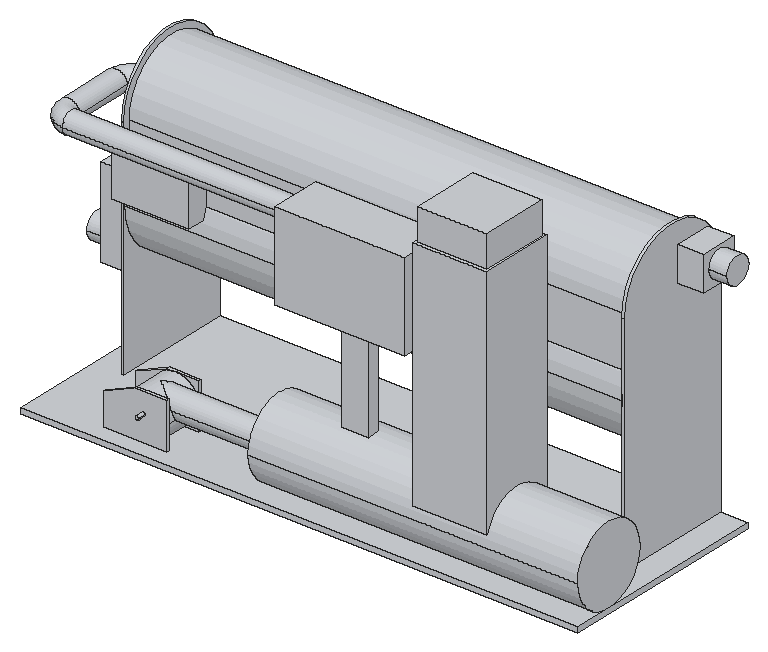
Revit family "M_Resfriador de absorção - Aquecido diretamente - 1336-1934 kW", category Equipamento mecânico, Revit 2019
Family settings
  Cota do conector redondo = Usar raio
  Tipo de parte = Normal
  Número OmniClass = 23.75.10.24.21.21.11
  Título OmniClass = Absorption Water Chillers
  ID de item do Seek = Absorption Chiller - Direct Fired - 1336-1934 kW-0000-CAN-ENU
  Com base no plano de trabalho = Não
  Sempre na vertical = Sim
  Corte com vazios quando carregada = Não
  Compartilhado = Não
  Ponto de cálculo do ambiente = Não
Parameters (values of type "1336-1406 kW")
  Voltagem = 460 V
  Classificação de carga = Refrigeração
  Largura do duto do exaustor = 650 mm
  Altura do duto do exaustor = 650 mm
  Número de pólos = 3
  Comprimento 1 = (Largura do resfriador - 874 mm) / 2  # 563 mm
  Capacidade de calor [instance] = 129000000 W
  Raio do gás = 15 mm
  Queda de pressão do gás [instance] = 0.0 Pa
  Fluxo de gás [instance] = 472.0 L/s
  Diâmetro do gás = Raio do gás * 2  # 30 mm
  Fluxo do exaustor [instance] = 774.0 L/s
  Raio do fornecimento de água resfriada = 125 mm
  Diâmetro do fornecimento de água resfriada = Raio do fornecimento de água resfriada * 2  # 250 mm
  Raio do retorno de água resfriada = 125 mm
  Diâmetro do retorno de água resfriada = Raio do retorno de água resfriada * 2  # 250 mm
  Queda de pressão do condensador [instance] = 51800.0 Pa
  Fluxo da água da refrigeração [instance] = 107.0 L/s
  Capacidade de refrigeração [instance] = 1350000 W
  Largura do resfriador = 2000 mm
  Material do resfriador = none
  Comprimento do resfriador = 5610 mm
  Raio do fornecimento de água resfriada = 100 mm
  Diâmetro do fornecimento de água resfriada = Raio do fornecimento de água resfriada * 2  # 200 mm
  Raio do retorno de água resfriada = 100 mm
  Diâmetro do retorno de água resfriada = Raio do retorno de água resfriada * 2  # 200 mm
  Queda de pressão do evaporador [instance] = 34000.0 Pa
  Fluxo da água resfriada [instance] = 58.2 L/s
  C6 Deslocamento 1 = 4039 mm
  C4 Deslocamento 2 = 1134 mm
  C3 Deslocamento 2 = 1664 mm
  C2 Deslocamento 2 = 1734 mm
  C1 Deslocamento 2 = 1591 mm
  Carga aparente [instance] = 9100 VA
Types (5, lengths in mm): name | Largura do duto do exaustor | Altura do duto do exaustor | Comprimento 1 | Capacidade de calor | Fluxo de gás | Fluxo do exaustor | Queda de pressão do condensador | Fluxo da água da refrigeração | Capacidade de refrigeração | Largura do resfriador | Comprimento do resfriador | Queda de pressão do evaporador | Fluxo da água resfriada | C6 Deslocamento 1 | C4 Deslocamento 2 | C3 Deslocamento 2 | C2 Deslocamento 2 | C1 Deslocamento 2 | Carga aparente
  (no name) | 650 | 650 | 563 | 129000000 W | 472.0 L/s | 774.0 L/s | 51800.0 Pa | 107.0 L/s | 1350000 W | 2000 | 5610 | 34000.0 Pa | 58.2 L/s | 4039 | 1134 | 1664 | 1734 | 1591 | 9100 VA
  1336-1406 kW | 650 | 650 | 563 | 129000000 W | 472.0 L/s | 774.0 L/s | 51800.0 Pa | 107.0 L/s | 1350000 W | 2000 | 5610 | 34000.0 Pa | 58.2 L/s | 4039 | 1134 | 1664 | 1734 | 1591 | 9100 VA
  1582 kW | 650 | 650 | 638 | 1450000 W | 529.0 L/s | 873.0 L/s | 68200.0 Pa | 120.0 L/s | 1520000 W | 2150 | 6175 | 45900.0 Pa | 65.4 L/s | 4007 | 1276 | 1807 | 1876 | 1730 | 9500 VA
  1758 kW | 695 | 695 | 638 | 1610000 W | 585.0 L/s | 968.0 L/s | 87900.0 Pa | 134.0 L/s | 1690000 W | 2150 | 6855 | 59900.0 Pa | 72.7 L/s | 4686 | 1276 | 1807 | 1876 | 1730 | 9500 VA
  1934 kW | 695 | 695 | 638 | 1770000 W | 647.0 L/s | 1070.0 L/s | 111000.0 Pa | 147.0 L/s | 1860000 W | 2150 | 7417 | 76800.0 Pa | 79.9 L/s | 5245 | 1276 | 1807 | 1876 | 1730 | 9500 VA
Reference planes
  plane 1 "Centro (Frente/Trás)": y = 0
  plane 2: z = 0
  plane 3 "Centro (Esquerda/Direita)": x = 0
  plane 4: x = -177.8
  plane 5: x = 5432.2
  plane 6: y = -2000
  plane 7: z = 50.8
  plane 8: x = 254
  plane 9: x = 279.4
  plane 10: y = -1126.875
  plane 11: y = -563.438
  plane 12: z = 2740.025
  plane 13: z = 2177.025
  plane 14: x = 5254.4
  plane 15: x = 5000.4
  plane 16: x = 4975
  plane 17: z = 1473.2
  plane 18: y = -50.8
  plane 19: y = -1076.075
  plane 20: y = -1634.875
  plane 21: z = 415.925
  plane 22: x = 654.05
  plane 23: x = 1247.775
  plane 24: x = 2149.475
  plane 25: z = 355.6
  plane 26: x = 950.913
  plane 27: z = 482.6
  plane 28: y = -1431.964
  plane 29: y = -1838.075
  plane 30: y = -1457.364
  plane 31: y = -1812.675
  plane 32: x = 1031.875
  plane 33: z = 266.7
  plane 34: z = 292.1
  plane 35: y = -1914.275
  plane 36: x = 4039
  plane 37: x = 3714
  plane 38: x = 4364
  plane 39: y = -1309.875
  plane 40: y = -1959.875
  plane 41: z = 3041.65
  plane 42: x = 3688.6
  plane 43: y = -1985.275
  plane 44: x = 4389.4
  plane 45: y = -1284.475
  plane 46: y = -1685.675
  plane 47: x = 3560.013
  plane 48: x = 2340.813
  plane 49: y = -1448.344
  plane 50: y = -1923.006
  plane 51: z = 2540
  plane 52: z = 1709.737
  plane 53: x = 2950.413
  plane 54: x = 2823.413
  plane 55: x = 3077.413
  plane 56: y = -1736.475
  plane 57: y = -1634.875
  plane 58: x = 1009.65
  plane 59: z = 1600.2
  plane 60: z = 2025.65
  plane 61: y = -1271.337
  plane 62: y = -76.2
  plane 63: y = -1050.675
  plane 64: z = 1044.575
  plane 65: z = 866.775
  plane 66: z = 1539.875
  plane 67: z = 1717.675
  plane 68: y = -266
  plane 69: y = -409
  plane 70: y = -866
  plane 71: z = 1219.2
  plane 72: y = -336
  plane 73: y = -158.2
  plane 74: y = -513.8
  plane 75: z = 2393.95
  plane 76: z = 2216.15
  plane 77: z = 2571.75
  plane 78: z = 2409.825
  plane 79: y = -869.95
  plane 80: x = 101.6
  plane 81: y = -996.95
  plane 82: x = 228.6
  plane 83: y = -1558.675
  plane 84: x = 341.313
  plane 85: x = 1774.825
  plane 86: z = 1808.162
  plane 87: x = 736.6
Forms (mm)
  Extrusion 1, solid, material <- "Material do resfriador"
    sketch origin (0, 0, 0) x (0, 1, 0) y (0, 0, 1)
      loop
        line (-1126.875, 2177.025) -> (-1126.875, 50.8) -> (0, 50.8) -> (-0.875, 2177.025)
        arc (-0.875, 2177.025) -> (-563.875, 2740.025) -> (-1126.875, 2177.025) r 563
    from 254 to 279.4
  Extrusion 2, solid, material <- "Material do resfriador"
    sketch origin (0, 0, 0) x (1, 0, 0) y (0, 1, 0)
      loop
        line (0, 0) -> (0, -2000) -> (5254.4, -2000) -> (5254.4, 0) -> (0, 0)
    from 0 to 50.8
  Extrusion 3, solid, material <- "Material do resfriador"
    sketch origin (0, 0, 0) x (0, 1, 0) y (0, 0, 1)
      loop
        line (-1126.875, 2177.025) -> (-1126.875, 50.8) -> (0, 50.8) -> (-0.875, 2177.025)
        arc (-0.875, 2177.025) -> (-563.875, 2740.025) -> (-1126.875, 2177.025) r 563
    from 4975 to 5000.4
  Extrusion 4, solid, material <- "Material do resfriador"
    sketch origin (0, 0, 0) x (0, 1, 0) y (0, 0, 1)
      loop
        line (-1076.075, 2177.025) -> (-1076.075, 1473.2) -> (-50.8, 1473.2) -> (-50.8, 2177.025)
        arc (-50.8, 2177.025) -> (-563.438, 2689.662) -> (-1076.075, 2177.025) r 512.637
    from 279.4 to 4975
  Extrusion 5, solid, material <- "Material do resfriador"
    sketch origin (0, 0, 0) x (0, 1, 0) y (0, 0, 1)
      loop
        circle (-563.438, 1473.2) r 563
    from 279.4 to 4975
  Extrusion 6, solid, material <- "Material do resfriador"
    sketch origin (0, 0, 0) x (0, 1, 0) y (0, 0, 1)
      loop
        circle (-1634.875, 415.925) r 365.125
    from 2149.475 to 5254.4
  Extrusion 7, solid, material <- "Material do resfriador"
    sketch origin (0, 0, 0) x (1, 0, 0) y (0, 0, 1)
      loop
        line (654.05, 355.6) -> (654.05, 50.8) -> (1247.775, 50.8) -> (1247.775, 482.6) -> (950.912, 482.6) -> (654.05, 355.6)
    from 1431.964 to 1457.364
  Extrusion 8, solid, material <- "Material do resfriador"
    sketch origin (0, 0, 0) x (1, 0, 0) y (0, 0, 1)
      loop
        line (654.05, 355.6) -> (654.05, 50.8) -> (1247.775, 50.8) -> (1247.775, 482.6) -> (950.912, 482.6) -> (654.05, 355.6)
    from 1812.675 to 1838.075
  Extrusion 9, solid, material <- "Material do resfriador"
    sketch origin (0, 0, 0) x (1, 0, 0) y (0, 0, 1)
      loop
        circle (1031.875, 266.7) r 215.9
    from 1457.364 to 1812.675
  Extrusion 10, solid, material <- "Material do resfriador"
    sketch origin (0, 0, 0) x (1, 0, 0) y (0, 0, 1)
      loop
        circle (1031.875, 292.1) r 15
    from 1838.075 to 1914.275
  Extrusion 11, solid, material <- "Material do resfriador"
    sketch origin (0, 0, 0) x (0, 1, 0) y (0, 0, 1)
      loop
        circle (-1634.875, 355.6) r 127
    from 1031.875 to 2149.475
  Extrusion 12, solid, material <- "Material do resfriador"
    sketch origin (0, 0, 0) x (1, 0, 0) y (0, 1, 0)
      loop
        line (3714, -1309.875) -> (3714, -1959.875) -> (4364, -1959.875) -> (4364, -1309.875) -> (3714, -1309.875)
    from 2740.025 to 3041.65
  Extrusion 13, solid, material <- "Material do resfriador"
    sketch origin (0, 0, 0) x (1, 0, 0) y (0, 1, 0)
      loop
        line (3688.6, -1284.475) -> (3688.6, -1985.275) -> (4389.4, -1985.275) -> (4389.4, -1284.475) -> (3688.6, -1284.475)
    from 415.925 to 2740.025
  Extrusion 14, solid, material <- "Material do resfriador"
    sketch origin (0, 0, 0) x (1, 0, 0) y (0, 1, 0)
      loop
        line (2340.813, -1448.344) -> (2340.813, -1923.006) -> (3560.013, -1923.006) -> (3560.013, -1448.344) -> (2340.813, -1448.344)
    from 1709.737 to 2540
  Extrusion 15, solid, material <- "Material do resfriador"
    sketch origin (0, 0, 0) x (1, 0, 0) y (0, 1, 0)
      loop
        line (2823.413, -1634.875) -> (2823.413, -1736.475) -> (3077.413, -1736.475) -> (3077.413, -1634.875) -> (2823.413, -1634.875)
    from 415.925 to 1709.737
  Extrusion 16, solid, material <- "Material do resfriador"
    sketch origin (0, 0, 0) x (1, 0, 0) y (0, 0, 1)
      loop
        line (279.4, 2025.65) -> (279.4, 1600.2) -> (1009.65, 1600.2) -> (1009.65, 2025.65) -> (279.4, 2025.65)
    from 1076.075 to 1271.337
  Extrusion 17, solid, material <- "Material do resfriador"
    sketch origin (0, 0, 0) x (0, 1, 0) y (0, 0, 1)
      loop
        line (-76.2, 1717.675) -> (-1050.675, 1717.675) -> (-1050.675, 866.775) -> (-76.2, 866.775) -> (-76.2, 1717.675)
    from 0 to 254
  Extrusion 18, solid, material <- "Material do resfriador"
    sketch origin (0, 0, 0) x (0, 1, 0) y (0, 0, 1)
      loop
        circle (-409, 1539.875) r 100
      loop
        circle (-266, 1219.2) r 100
      loop
        circle (-866, 1044.575) r 125
    from -177.8 to 0
  Extrusion 19, solid, material <- "Material do resfriador"
    sketch origin (0, 0, 0) x (0, 1, 0) y (0, 0, 1)
      loop
        line (-158.2, 2540) -> (-513.8, 2540) -> (-513.8, 2216.15) -> (-158.2, 2216.15) -> (-158.2, 2540)
    from 5000.4 to 5254.4
  Extrusion 20, solid, material <- "Material do resfriador"
    sketch origin (0, 0, 0) x (0, 1, 0) y (0, 0, 1)
      loop
        circle (-336, 2393.95) r 125
    from 5254.4 to 5432.2
  Sweep 21, solid, material <- "Material do resfriador"
    path in 3D
      loop
        line (254, -869.95, 2409.825) -> (228.6, -869.95, 2409.825)
        arc (228.6, -869.95, 2409.825) -> (138.797, -907.147, 2409.825) -> (101.6, -996.95, 2409.825) r 127
        line (101.6, -996.95, 2409.825) -> (101.6, -1558.675, 2409.825)
        arc (101.6, -1558.675, 2409.825) -> (138.797, -1648.478, 2409.825) -> (228.6, -1685.675, 2409.825) r 127
        line (228.6, -1685.675, 2409.825) -> (2340.813, -1685.675, 2409.825)
    profile origin (1284.706, -1685.675, 2409.825) x (0, 1, 0) y (0, 0, 1)
      loop
        circle (0, 0) r 101.6
  Extrusion 22, solid, material <- "Material do resfriador"
    sketch origin (0, 0, 0) x (0, 1, 0) y (0, 0, 1)
      loop
        circle (0, 1219.2) r 102.394
    from 341.313 to 1774.825
  Extrusion 23, solid, material <- "Material do resfriador"
    sketch origin (0, 0, 0) x (1, 0, 0) y (0, 0, 1)
      loop
        circle (736.6, 1808.162) r 31.75
    from 1076.075 to 1271.337
Cuts and joins
  joined: Extrusion 5, Extrusion 6, Extrusion 7, Extrusion 8, Extrusion 9, Extrusion 10, Extrusion 11, Extrusion 13, Extrusion 15, Extrusion 16, Extrusion 18, Extrusion 20, Extrusion 22, Extrusion 23
Lines and regions (mm)
  reference lines
    curve 1: arc (101.6, -996.95, 2409.825) -> (138.797, -907.147, 2409.825) -> (228.6, -869.95, 2409.825) r 127
    curve 2: arc (101.6, -1558.675, 2409.825) -> (138.797, -1648.478, 2409.825) -> (228.6, -1685.675, 2409.825) r 127
    curve 3: line (101.6, -996.95, 2409.825) -> (101.6, -1558.675, 2409.825)
    curve 4: line (228.6, -1685.675, 2409.825) -> (2340.813, -1685.675, 2409.825)
    curve 5: line (228.6, -869.95, 2409.825) -> (254, -869.95, 2409.825)
  sketch lines
    curve 6: line (228.6, -1685.675, 2409.825) -> (2340.813, -1685.675, 2409.825)
    curve 7: arc (101.6, -1558.675, 2409.825) -> (138.797, -1648.478, 2409.825) -> (228.6, -1685.675, 2409.825) r 127
    curve 8: line (101.6, -996.95, 2409.825) -> (101.6, -1558.675, 2409.825)
    curve 9: arc (101.6, -996.95, 2409.825) -> (138.797, -907.147, 2409.825) -> (228.6, -869.95, 2409.825) r 127
    curve 10: line (228.6, -869.95, 2409.825) -> (254, -869.95, 2409.825)
Dimensions and locks
  locked: plane 4 to plane 3 "Centro (Esquerda/Direita)" at 177.8
  "Comprimento do resfriador": plane 4 to plane 5
  "Largura do resfriador": plane 1 "Centro (Frente/Trás)" to plane 6
  locked: plane 7 to plane 2 at 50.8
  locked: plane 3 "Centro (Esquerda/Direita)" to plane 8 at 254
  locked: plane 8 to plane 9 at 25.4
  locked: plane 10 to plane 6 at 873.125
  locked: plane 12 to plane 2 at 2740.025
  equal spacing: plane 1 "Centro (Frente/Trás)", plane 11, plane 10
  "Comprimento 1": plane 12 to plane 13
  locked: plane 14 to plane 5 at 177.8
  locked: plane 15 to plane 14 at 254
  locked: plane 16 to plane 15 at 25.4
  locked: plane 17 to plane 2 at 1473.2
  locked: plane 1 "Centro (Frente/Trás)" to plane 18 at 50.8
  locked: plane 19 to plane 10 at 50.8
  locked: plane 20 to plane 6 at 365.125
  locked: plane 21 to plane 7 at 365.125
  locked: plane 3 "Centro (Esquerda/Direita)" to plane 22 at 654.05
  locked: plane 22 to plane 23 at 593.725
  locked: plane 23 to plane 24 at 901.7
  locked: plane 25 to plane 7 at 304.8
  locked: plane 23 to plane 26 at 296.862
  locked: plane 27 to plane 7 at 431.8
  plane 28 to plane 20 to plane 29 = 202.911 mm locked, 203.2 mm locked
  locked: plane 28 to plane 30 at 25.4
  locked: plane 31 to plane 29 at 25.4
  locked: plane 27 to plane 33 at 215.9
  locked: plane 23 to plane 32 at 215.9
  locked: plane 34 to plane 2 at 292.1
  locked: plane 29 to plane 35 at 76.2
  "C6 Deslocamento 1": plane 3 "Centro (Esquerda/Direita)" to plane 36
  "Largura do duto do exaustor": plane 37 to plane 38
  "Altura do duto do exaustor": plane 39 to plane 40
  equal spacing: plane 37, plane 36, plane 38
  equal spacing: plane 39, plane 20, plane 40
  locked: plane 41 to plane 12 at 301.625
  locked: plane 45 to plane 39 at 25.4
  locked: plane 42 to plane 37 at 25.4
  locked: plane 38 to plane 44 at 25.4
  locked: plane 40 to plane 43 at 25.4
  locked: plane 46 to plane 6 at 314.325
  locked: plane 47 to plane 42 at 128.588
  locked: plane 48 to plane 47 at 1219.2
  locked: plane 49 to plane 46 at 237.331
  locked: plane 46 to plane 50 at 237.331
  locked: plane 51 to plane 2 at 2540
  locked: plane 51 to plane 52 at 830.262
  locked: plane 48 to plane 53 at 609.6
  locked: plane 46 to plane 56 at 50.8
  locked: plane 57 to plane 46 at 50.8
  locked: plane 54 to plane 53 at 127
  locked: plane 53 to plane 55 at 127
  locked: plane 58 to plane 9 at 730.25
  locked: plane 59 to plane 2 at 1600.2
  locked: plane 60 to plane 59 at 425.45
  locked: plane 10 to plane 61 at 144.463
  locked: plane 1 "Centro (Frente/Trás)" to plane 62 at 76.2
  locked: plane 63 to plane 10 at 76.2
  locked: plane 64 to plane 2 at 1044.575
  locked: plane 64 to plane 65 at 177.8
  locked: plane 66 to plane 2 at 1539.875
  locked: plane 67 to plane 66 at 177.8
  "C1 Deslocamento 2": plane 69 to plane 6
  locked: plane 71 to plane 2 at 1219.2
  "C2 Deslocamento 2": plane 68 to plane 6
  "C4 Deslocamento 2": plane 70 to plane 6
  "C3 Deslocamento 2": plane 72 to plane 6
  locked: plane 73 to plane 72 at 177.8
  locked: plane 72 to plane 74 at 177.8
  locked: plane 75 to plane 2 at 2393.95
  locked: plane 75 to plane 76 at 177.8
  locked: plane 77 to plane 75 at 177.8
  locked: plane 78 to plane 2 at 2409.825
  locked: plane 1 "Centro (Frente/Trás)" to plane 79 at 869.95
  locked: plane 3 "Centro (Esquerda/Direita)" to plane 80 at 101.6
  locked: plane 79 to plane 81 at 127
  locked: plane 80 to plane 82 at 127
  locked: plane 83 to plane 46 at 127
  locked: plane 84 to plane 3 "Centro (Esquerda/Direita)" at 341.312
  locked: plane 85 to plane 84 at 1433.513
  locked: plane 86 to plane 2 at 1808.163
  locked: plane 87 to plane 4 at 914.4
  "Comprimento 1": radius of Extrusion 1 sketch curve
  "Comprimento 1": radius of Extrusion 3 sketch curve
  "Comprimento 1": radius of Extrusion 5 sketch curve
  radius of Extrusion 6 sketch curve = 365.125 mm
  radius of Extrusion 9 sketch curve = 215.9 mm
  "Raio do gás": radius of Extrusion 10 sketch curve
  radius of Extrusion 11 sketch curve = 127 mm
  "Raio do fornecimento de água resfriada": radius of Extrusion 18 sketch curve
  "Raio do retorno de água resfriada": radius of Extrusion 18 sketch curve  (x2)
  "Raio do fornecimento de água resfriada": radius of Extrusion 20 sketch curve
  radius of curve 1 = 127 mm
  radius of curve 2 = 127 mm
  radius of Sweep 21 sketch curve = 101.6 mm
  radius of Extrusion 22 sketch curve = 102.394 mm
  radius of Extrusion 23 sketch curve = 31.75 mm
  angle curve 1 to curve 1 = 90.00°
  angle curve 2 to curve 2 = 90.00°
  aligned and locked: plane 13 to Extrusion 1 sketch curve  (x3)
  aligned and locked: plane 1 "Centro (Frente/Trás)" to Extrusion 1 sketch curve
  aligned and locked: plane 10 to Extrusion 1 sketch curve
  aligned and locked: Extrusion 1 sketch curve to plane 7
  aligned and locked: plane 7 to Extrusion 1 sketch curve
  aligned and locked: Extrusion 1 sketch curve to plane 10
  aligned and locked: Extrusion 1 to plane 8
  aligned and locked: plane 9 to Extrusion 1
  aligned and locked: plane 3 "Centro (Esquerda/Direita)" to Extrusion 2 sketch curve
  aligned and locked: plane 1 "Centro (Frente/Trás)" to Extrusion 2 sketch curve
  aligned and locked: plane 6 to Extrusion 2 sketch curve
  aligned and locked: Extrusion 2 sketch curve to plane 14
  aligned and locked: Extrusion 2 to plane 2
  aligned and locked: plane 7 to Extrusion 2
  aligned and locked: plane 13 to Extrusion 3 sketch curve  (x3)
  aligned and locked: plane 7 to Extrusion 3 sketch curve
  aligned and locked: Extrusion 3 sketch curve to plane 10
  aligned and locked: plane 10 to Extrusion 3 sketch curve
  aligned and locked: plane 1 "Centro (Frente/Trás)" to Extrusion 3 sketch curve
  aligned and locked: Extrusion 3 sketch curve to plane 7
  aligned and locked: plane 15 to Extrusion 3
  aligned and locked: Extrusion 3 to plane 16
  aligned and locked: plane 13 to Extrusion 4 sketch curve  (x3)
  aligned and locked: Extrusion 4 sketch curve to plane 18
  aligned and locked: plane 17 to Extrusion 4 sketch curve
  aligned and locked: Extrusion 4 sketch curve to plane 19
  aligned and locked: plane 19 to Extrusion 4 sketch curve
  aligned and locked: plane 18 to Extrusion 4 sketch curve
  aligned and locked: Extrusion 4 sketch curve to plane 17
  aligned and locked: Extrusion 4 to plane 9
  aligned and locked: plane 16 to Extrusion 4
  aligned and locked: plane 17 to Extrusion 5 sketch curve
  aligned and locked: plane 11 to Extrusion 5 sketch curve
  aligned and locked: Extrusion 5 to plane 9
  aligned and locked: plane 16 to Extrusion 5
  aligned and locked: plane 21 to Extrusion 6 sketch curve
  aligned and locked: plane 20 to Extrusion 6 sketch curve
  aligned and locked: plane 14 to Extrusion 6
  aligned and locked: Extrusion 6 to plane 24
  aligned and locked: plane 26 to Extrusion 7 sketch curve
  aligned and locked: plane 22 to Extrusion 7 sketch curve  (x2)
  aligned and locked: plane 25 to Extrusion 7 sketch curve
  aligned and locked: plane 7 to Extrusion 7 sketch curve  (x2)
  aligned and locked: plane 27 to Extrusion 7 sketch curve
  aligned and locked: Extrusion 7 sketch curve to plane 23
  aligned and locked: Extrusion 7 sketch curve to plane 27
  aligned and locked: Extrusion 7 to plane 30
  aligned and locked: plane 28 to Extrusion 7
  aligned and locked: plane 26 to Extrusion 8 sketch curve
  aligned and locked: plane 23 to Extrusion 8 sketch curve  (x2)
  aligned and locked: Extrusion 8 sketch curve to plane 27
  aligned and locked: plane 27 to Extrusion 8 sketch curve
  aligned and locked: plane 22 to Extrusion 8 sketch curve
  aligned and locked: plane 7 to Extrusion 8 sketch curve
  aligned and locked: plane 25 to Extrusion 8 sketch curve
  aligned and locked: Extrusion 8 sketch curve to plane 22
  aligned and locked: Extrusion 8 to plane 29
  aligned and locked: plane 31 to Extrusion 8
  aligned and locked: plane 33 to Extrusion 9 sketch curve
  aligned and locked: plane 32 to Extrusion 9 sketch curve
  aligned and locked: Extrusion 9 to plane 31
  aligned and locked: plane 30 to Extrusion 9
  aligned and locked: plane 34 to Extrusion 10 sketch curve
  aligned and locked: plane 32 to Extrusion 10 sketch curve
  aligned and locked: plane 35 to Extrusion 10
  aligned and locked: plane 29 to Extrusion 10
  aligned and locked: plane 25 to Extrusion 11 sketch curve
  aligned and locked: plane 20 to Extrusion 11 sketch curve
  aligned and locked: plane 24 to Extrusion 11
  aligned and locked: Extrusion 11 to plane 32
  aligned and locked: plane 37 to Extrusion 12 sketch curve
  aligned and locked: plane 40 to Extrusion 12 sketch curve
  aligned and locked: Extrusion 12 sketch curve to plane 38
  aligned and locked: Extrusion 12 sketch curve to plane 39
  aligned and locked: plane 41 to Extrusion 12
  aligned and locked: Extrusion 12 to plane 12
  aligned and locked: plane 42 to Extrusion 13 sketch curve
  aligned and locked: Extrusion 13 sketch curve to plane 45
  aligned and locked: plane 43 to Extrusion 13 sketch curve
  aligned and locked: Extrusion 13 sketch curve to plane 44
  aligned and locked: plane 12 to Extrusion 13
  aligned and locked: Extrusion 13 to plane 21
  aligned and locked: plane 48 to Extrusion 14 sketch curve
  aligned and locked: Extrusion 14 sketch curve to plane 49
  aligned and locked: plane 50 to Extrusion 14 sketch curve
  aligned and locked: Extrusion 14 sketch curve to plane 47
  aligned and locked: plane 51 to Extrusion 14
  aligned and locked: Extrusion 14 to plane 52
  aligned and locked: Extrusion 15 sketch curve to plane 57
  aligned and locked: plane 54 to Extrusion 15 sketch curve
  aligned and locked: plane 56 to Extrusion 15 sketch curve
  aligned and locked: Extrusion 15 sketch curve to plane 55
  aligned and locked: plane 52 to Extrusion 15
  aligned and locked: Extrusion 15 to plane 21
  aligned and locked: Extrusion 16 sketch curve to plane 60
  aligned and locked: Extrusion 16 sketch curve to plane 58
  aligned and locked: plane 59 to Extrusion 16 sketch curve
  aligned and locked: plane 9 to Extrusion 16 sketch curve
  aligned and locked: Extrusion 16 to plane 61
  aligned and locked: Extrusion 16 to plane 19
  aligned and locked: Extrusion 17 sketch curve to plane 67
  aligned and locked: plane 65 to Extrusion 17 sketch curve
  aligned and locked: plane 62 to Extrusion 17 sketch curve
  aligned and locked: Extrusion 17 sketch curve to plane 63
  aligned and locked: Extrusion 17 to plane 3 "Centro (Esquerda/Direita)"
  aligned and locked: plane 8 to Extrusion 17
  aligned and locked: plane 66 to Extrusion 18 sketch curve
  aligned and locked: plane 69 to Extrusion 18 sketch curve
  aligned and locked: plane 71 to Extrusion 18 sketch curve
  aligned and locked: plane 68 to Extrusion 18 sketch curve
  aligned and locked: plane 64 to Extrusion 18 sketch curve
  aligned and locked: plane 70 to Extrusion 18 sketch curve
  aligned and locked: Extrusion 18 to plane 4
  aligned and locked: plane 3 "Centro (Esquerda/Direita)" to Extrusion 18
  aligned and locked: plane 73 to Extrusion 19 sketch curve
  aligned and locked: plane 51 to Extrusion 19 sketch curve
  aligned and locked: plane 76 to Extrusion 19 sketch curve
  aligned and locked: plane 74 to Extrusion 19 sketch curve
  aligned and locked: plane 14 to Extrusion 19
  aligned and locked: Extrusion 19 to plane 15
  aligned and locked: plane 75 to Extrusion 20 sketch curve
  aligned and locked: plane 72 to Extrusion 20 sketch curve
  aligned and locked: plane 5 to Extrusion 20
  aligned and locked: Extrusion 20 to plane 14
  aligned and locked: plane 82 to curve 2
  aligned and locked: curve 3 to plane 80
  aligned and locked: plane 82 to curve 4
  aligned and locked: plane 48 to curve 4
  aligned and locked: curve 4 to plane 46
  aligned and locked: plane 82 to curve 5
  aligned and locked: plane 8 to curve 5
  aligned and locked: curve 5 to plane 79
  aligned and locked: plane 78 to Sweep 21 sketch curve
  aligned and locked: plane 46 to Sweep 21 sketch curve
  aligned and locked: plane 71 to Extrusion 22 sketch curve
  aligned and locked: plane 1 "Centro (Frente/Trás)" to Extrusion 22 sketch curve
  aligned and locked: plane 85 to Extrusion 22
  aligned and locked: Extrusion 22 to plane 84
  aligned and locked: plane 86 to Extrusion 23 sketch curve
  aligned and locked: plane 87 to Extrusion 23 sketch curve
  aligned and locked: Extrusion 23 to plane 61
  aligned and locked: Extrusion 23 to plane 19
Connectors
  piping at (-177.8, -266, 1219.2), diameter 200, driven by "Fluxo da água resfriada", driven by "Raio do retorno de água resfriada"
    settings: on cut or joined group 1 (Extrusion 5, Extrusion 6, Extrusion 7, Extrusion 8, Extrusion 9, Extrusion 10, Extrusion 11, Extrusion 13, Extrusion 15, Extrusion 16, Extrusion 18, Extrusion 20, Extrusion 22, Extrusion 23), index 1, connector inside diameter 200 mm, connector length 0 mm, flow factor 0, pipe flow 58.2 L/s, pressure drop 0.0 Pa, fitting loss kfactor 0, connector angle 0.00°, fixture units 0, engagement length 0 mm, angle of deflection 0.00°, flow configuration 0, flow direction 1, fitting loss method 4, system type 8, joint type 0, gender type 0, connector reference index 2, connector utility 0, adjustable connector no, is connector primary yes, connector description "Entrada de água resfriada"
  piping at (-177.8, -409, 1539.875), diameter 200, driven by "Fluxo da água resfriada", driven by "Queda de pressão do evaporador", driven by "Raio do fornecimento de água resfriada"
    settings: on cut or joined group 1, index 2, connector inside diameter 200 mm, connector length 0 mm, flow factor 0, pipe flow 58.2 L/s, pressure drop 34000.0 Pa, fitting loss kfactor 0, connector angle 0.00°, fixture units 0, engagement length 0 mm, angle of deflection 0.00°, flow configuration 0, flow direction 2, fitting loss method 4, system type 7, joint type 0, gender type 0, connector reference index 1, connector utility 0, adjustable connector no, is connector primary no, connector description "Saída de água resfriada"
  piping at (5432.2, -336, 2393.95), diameter 250, driven by "Fluxo da água da refrigeração", driven by "Raio do fornecimento de água resfriada"
    settings: on cut or joined group 1, index 3, connector inside diameter 250 mm, connector length 0 mm, flow factor 0, pipe flow 107.0 L/s, pressure drop 0.0 Pa, fitting loss kfactor 0, connector angle 0.00°, fixture units 0, engagement length 0 mm, angle of deflection 0.00°, flow configuration 1, flow direction 1, fitting loss method 4, system type 7, joint type 0, gender type 0, connector reference index 4, connector utility 0, adjustable connector no, is connector primary no, connector description "Entrada da água da refrigeração"
  piping at (-177.8, -866, 1044.575), diameter 250, driven by "Fluxo da água da refrigeração", driven by "Queda de pressão do condensador", driven by "Raio do retorno de água resfriada"
    settings: on cut or joined group 1, index 4, connector inside diameter 250 mm, connector length 0 mm, flow factor 0, pipe flow 107.0 L/s, pressure drop 51800.0 Pa, fitting loss kfactor 0, connector angle 0.00°, fixture units 0, engagement length 0 mm, angle of deflection 0.00°, flow configuration 1, flow direction 2, fitting loss method 4, system type 8, joint type 0, gender type 0, connector reference index 3, connector utility 0, adjustable connector no, is connector primary no, connector description "Saída da água da refrigeração"
  piping at (1031.875, -1914.275, 292.1), diameter 30, driven by "Fluxo de gás", driven by "Queda de pressão do gás", driven by "Raio do gás"
    settings: on cut or joined group 1, index 5, connector inside diameter 30 mm, connector length 0 mm, flow factor 0, pipe flow 472.0 L/s, pressure drop 0.0 Pa, fitting loss kfactor 0, connector angle 0.00°, fixture units 0, engagement length 0 mm, angle of deflection 0.00°, flow configuration 1, flow direction 1, fitting loss method 0, system type 22, joint type 0, gender type 0, connector reference index -1, connector utility 0, adjustable connector no, is connector primary no, connector description "Entrada de gás"
  electrical at (644.525, -1271.337, 1812.925), driven by "Carga aparente", driven by "Voltagem", driven by "Número de pólos", driven by "Classificação de carga"
    settings: on cut or joined group 1, index 7, voltage 460 V, apparent load 9100 VA, apparent load phase1 0 VA, apparent load phase2 0 VA, apparent load phase3 0 VA, power factor 0.8, load classification "Refrigeração", number of poles 3, system type 30, power factor state 1, is connector primary yes, connector utility no, sub classification motor no, connector description ""
  hvac at (4039, -1634.875, 3041.65), driven by "Altura do duto do exaustor", driven by "Largura do duto do exaustor"
    settings: on Extrusion 12, index 8, duct flow 0.0 L/s, flow factor 0, pres drop 0.0 Pa, loss coef 0, conn angle 0.00°, conn width 650 mm, conn height 650 mm, conn diameter 600 mm, duct sys type 3, conn prof type 1, flow config 1, flow direction 2, loss method 0, conn ref index -1, conn util no, is conn primary yes, conn desc ""
